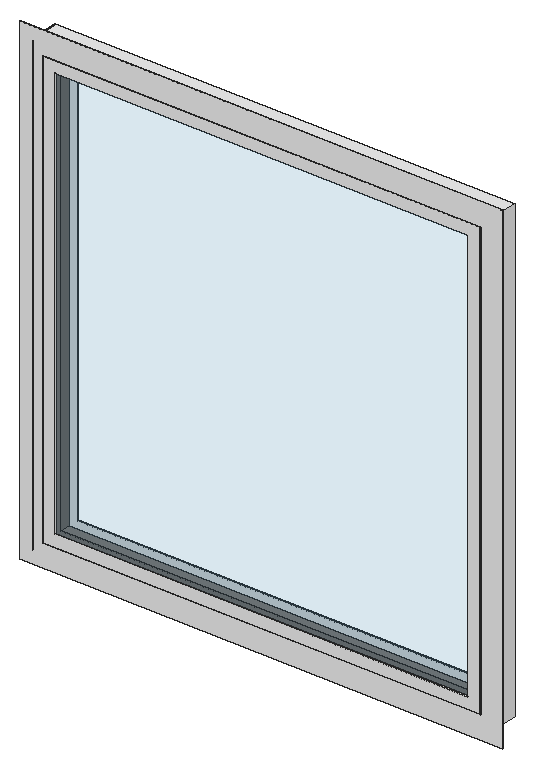
Revit family "Casement_34_D_Top_Hung_Standard", category Windows, host Wall, Revit 2014
Parameters (values of type "Casement_Sash_DG")
  Width Sash [instance] = 30 mm
  Width Sash Inner = 15 mm
  Width Bead = 15 mm
  Top Hung [instance] = yes
  Side Hung Right [instance] = yes
  Side Hung Left [instance] = yes
  Sash Opening Width [instance] = 600 mm
  Sash Opening Height [instance] = 600.312 mm
  Sash Lip = 15 mm
  Glazing Material [instance] = Glass
  DG Start Piece 2 [instance] = DG End Piece 1 + DG Gasket Thickness  # 25 mm
  DG Start Peice 1 [instance] = (Depth Sash - (2 * DG Glazing Thickness) - DG Gasket Thickness) / 2  # 6.6 mm
  Glazing Offset = 5 mm
  DG Glazing Thickness [instance] = 6.4 mm
  DG Gasket Thickness = 12 mm  # constant formula
  DG Gasket Material [instance] = Double Glazing Gasket Material
  DG End Piece 2 [instance] = DG Start Piece 2 + DG Glazing Thickness  # 31.4 mm
  DG End Piece 1 [instance] = DG Start Peice 1 + DG Glazing Thickness  # 13 mm
  Depth Sash [instance] = 38 mm
  Center Vertical Sash [instance] = Sash Opening Height / 2  # 300.156 mm
  Center Horizontal Sash [instance] = Sash Opening Width / 2  # 300 mm
  Bottom Hung [instance] = yes
  Bead Offset = 15 mm
  Aluminium Thickness = 1 mm
  Aluminium Material [instance] = White Powder Coated Aluminium
Reference planes
  plane 1 "Center (Front/Back)": y = 0
  plane 2: z = 0
  plane 3 "Center (Left/Right)": x = 0
Forms (mm)
  Sweep 1, solid, material "White Powder Coated Aluminium" <- "Aluminium Material"
    path origin (16.177, 0, 121.331) x (1, 0, 0) y (0, 0, 1)
      loop
        line (0, 0) -> (600, 0) -> (600, 600.312) -> (0, 600.312) -> (0, 0)
    profile origin (316.177, 0, 121.331) x (0, 0, 1) y (0, -1, 0)
      loop
        line (0, 0) -> (30, 0) -> (30, 1) -> (15, 1) -> (15, 38) -> (-15, 38) -> (-15, 37) -> (0, 37) -> (0, 0)
      loop
        line (14, 1) -> (14, 37) -> (1, 37) -> (1, 1) -> (14, 1)
  Sweep 2, solid, material "White Powder Coated Aluminium" <- "Aluminium Material"
    path origin (0, 0, 0) x (1, 0, 0) y (0, 0, 1)
      loop
        line (31.177, 706.643) -> (31.177, 136.331) -> (601.177, 136.331) -> (601.177, 706.643) -> (31.177, 706.643)
    profile origin (316.177, 0, 706.643) x (0, 0, 1) y (0, -1, 0)
      loop
        line (0, 37) -> (0, 38) -> (-15, 38) -> (-15, 37) -> (0, 37)
  Extrusion 3, solid, material "Glass" <- "Glazing Material"
    sketch origin (0, 0, 0) x (1, 0, 0) y (0, 0, 1)
      loop
        line (36.177, 701.643) -> (36.177, 141.331) -> (596.177, 141.331) -> (596.177, 701.643) -> (36.177, 701.643)
    from 6.6 <- "DG Start Peice 1" to 13 <- "DG End Piece 1"
  Extrusion 4, solid, material "Glass" <- "Glazing Material"
    sketch origin (0, 0, 0) x (1, 0, 0) y (0, 0, 1)
      loop
        line (36.177, 701.643) -> (36.177, 141.331) -> (596.177, 141.331) -> (596.177, 701.643) -> (36.177, 701.643)
    from 31.4 <- "DG End Piece 2" to 25 <- "DG Start Piece 2"
  Sweep 5, solid, material "Double Glazing Gasket Material" <- "DG Gasket Material"
    path origin (0, -13, 0) x (1, 0, 0) y (0, 0, 1)
      loop
        line (36.177, 701.643) -> (36.177, 141.331) -> (596.177, 141.331) -> (596.177, 701.643) -> (36.177, 701.643)
    profile origin (316.177, -13, 701.643) x (0, 0, 1) y (0, -1, 0)
      loop
        line (0, 0) -> (0, 12) -> (-7.96, 12) -> (-7.96, 0) -> (0, 0)
Lines and regions (mm)
  model lines
    curve 1: line (1.177, -38, 736.643) -> (31.177, -38, 706.643)
    curve 2: line (601.177, -38, 706.643) -> (631.177, -38, 736.643)
    curve 3: line (601.177, -38, 136.331) -> (631.177, -38, 106.331)
    curve 4: line (1.177, -38, 106.331) -> (31.177, -38, 136.331)
    curve 5: line (631.177, -37, 736.643) -> (616.177, -37, 721.643)
    curve 6: line (1.177, -37, 736.643) -> (16.177, -37, 721.643)
    curve 7: line (1.177, -37, 106.331) -> (16.177, -37, 121.331)
    curve 8: line (631.177, -37, 106.331) -> (616.177, -37, 121.331)
    curve 9: line (616.177, 0, 121.331) -> (586.177, 0, 151.331)
    curve 10: line (46.177, 0, 151.331) -> (16.177, 0, 121.331)
    curve 11: line (616.177, 0, 721.643) -> (586.177, 0, 691.643)
    curve 12: line (46.177, 0, 691.643) -> (16.177, 0, 721.643)
    curve 13: line (31.177, -38, 691.643) -> (46.177, -38, 691.643)
    curve 14: line (586.177, -38, 691.643) -> (601.177, -38, 691.643)
    curve 15: line (586.177, -38, 151.331) -> (601.177, -38, 151.331)
    curve 16: line (31.177, -38, 151.331) -> (46.177, -38, 151.331)
  model lines, style "GenericModelHiddenLines", visible <- "Top Hung"
    curve 17: line (46.386, -31.4, 690.914) -> (316.177, -31.4, 151.331)
    curve 18: line (316.177, -31.4, 151.331) -> (586.177, -31.4, 691.331)
  model lines, style "GenericModelHiddenLines", visible <- "Bottom Hung"
    curve 19: line (46.177, -31.4, 151.331) -> (316.177, -31.4, 691.331)
    curve 20: line (316.177, -31.4, 691.331) -> (586.177, -31.4, 151.331)
  model lines, style "GenericModelHiddenLines", visible <- "Side Hung Left"
    curve 21: line (46.386, -31.4, 690.914) -> (585.24, -31.4, 421.487)
    curve 22: line (585.24, -31.4, 421.487) -> (46.177, -31.4, 151.331)
  model lines, style "GenericModelHiddenLines", visible <- "Side Hung Right"
    curve 23: line (586.177, -31.4, 691.331) -> (46.177, -31.4, 421.487)
    curve 24: line (46.177, -31.4, 421.487) -> (586.177, -31.4, 151.331)
Dimensions and locks
  "Aluminium Thickness": Sweep 1 sketch curve to Sweep 1 sketch curve  (x4)
  "Depth Sash": Sweep 1 sketch curve to Sweep 1 sketch curve
  "Sash Opening Width": Sweep 1 to Sweep 1
  "Sash Opening Height": Sweep 1 to Sweep 1
  "Width Sash": Sweep 1 sketch curve to Sweep 1 sketch curve  (x2)
  "Width Sash Inner": Sweep 1 sketch curve to Sweep 1 sketch curve
  "Sash Lip": Sweep 1 sketch curve to Sweep 1 sketch curve
  "Aluminium Thickness": Sweep 1 to Sweep 2 sketch curve
  "Glazing Offset": Sweep 2 to Extrusion 3 sketch curve  (x3)
  "Glazing Offset": Extrusion 3 sketch curve to Sweep 2
  Sweep 1 to Sweep 1 = 1 mm
  "Aluminium Thickness": Sweep 2 sketch curve to Sweep 2 sketch curve
  "Width Bead": Sweep 2 sketch curve to Sweep 2 sketch curve
  locked: Sweep 5 sketch curve to Sweep 5 sketch curve at 7.96
  "Center Horizontal Sash": Sweep 1 to curve 18
  "Center Horizontal Sash": Sweep 1 to curve 20
  "Center Vertical Sash": Sweep 1 to curve 22
  "Center Vertical Sash": Sweep 1 to curve 24
  aligned and locked: level to plane 2
  aligned and locked: Sweep 1 sketch curve to Sweep 1 sketch curve  (x2)
  aligned and locked: Sweep 2 sketch curve to Sweep 1  (x5)
  aligned and locked: Extrusion 4 sketch curve to Extrusion 3  (x4)
  aligned and locked: Sweep 5 sketch curve to Extrusion 3  (x5)
  aligned and locked: Extrusion 3 to Sweep 5 sketch curve
Automatic sketch dimensions
  plane 3 "Center (Left/Right)" to Sweep 1 sketch curve = 16.177 mm
  level to Sweep 1 sketch curve = 121.331 mm
  plane 3 "Center (Left/Right)" to Sweep 1 sketch curve = 616.177 mm
  level to Sweep 1 sketch curve = 721.643 mm
  profile plane to Sweep 5 sketch curve = 12 mm
  curve 7 to Sweep 1 = 0 mm  (x4)
  curve 6 to Sweep 1 = 0 mm  (x3)
  Sweep 1 to curve 6 = 0 mm
  curve 5 to Sweep 1 = 0 mm  (x3)
  curve 8 to Sweep 1 = 0 mm  (x4)
  Sweep 1 to curve 5 = 0 mm
  curve 16 to Sweep 2 = 0 mm  (x3)
  curve 13 to Sweep 2 = 0 mm  (x3)
  curve 15 to Sweep 2 = 0 mm
  Sweep 2 to curve 15 = 0 mm  (x2)
  curve 14 to Sweep 2 = 0 mm  (x2)
  Sweep 2 to curve 14 = 0 mm
  curve 1 to Sweep 1 = 0 mm  (x4)
  curve 4 to Sweep 1 = 0 mm  (x3)
  Sweep 1 to curve 4 = 0 mm
  curve 3 to Sweep 1 = 0 mm  (x3)
  curve 2 to Sweep 1 = 0 mm  (x4)
  Sweep 1 to curve 3 = 0 mm
  curve 10 to Sweep 1 = 0 mm  (x4)
  curve 12 to Sweep 1 = 0 mm  (x3)
  Sweep 1 to curve 12 = 0 mm
  curve 9 to Sweep 1 = 0 mm  (x4)
  curve 11 to Sweep 1 = 0 mm  (x3)
  Sweep 1 to curve 11 = 0 mm
  Sweep 1 sketch curve to plane 1 "Center (Front/Back)" = 0 mm
  profile plane to Sweep 1 sketch curve = 0 mm
  curve 21 to Extrusion 4 = 10.208 mm
  curve 19 to Extrusion 4 = 10 mm
  curve 23 to Extrusion 4 = 10 mm  (x2)
  curve 22 to Extrusion 4 = 10.937 mm
  curve 20 to Extrusion 4 = 10 mm
  curve 24 to Extrusion 4 = 10 mm
  curve 22 to Extrusion 4 = 10 mm
  curve 18 to Extrusion 4 = 10 mm
  curve 21 to Extrusion 4 = 10.729 mm
  curve 19 to Extrusion 4 = 10.312 mm
  curve 18 to Extrusion 4 = 10.312 mm
Types in the file's own list only (12): name | Windload Design | Width Sash Opening | Width Sash | Width Profile | Width Panel 3 | Width Panel 1 | Width | URL | Offset Window Exterior | Max System DG Unit Thickness | Max System DG One Piece Thickness | Max Pane Area | Limit Fixed Pane Height Min | Limit Fixed Pane Height Max | Intruderprufe U Value | Intruderprufe SHGC Value | Intruderprufe LowE U Value | Intruderprufe LowE SHGC Value | Height | Energy Advantage U Value | Energy Advantage SHGC Value | DG Thickness Calc | Custom Window Width | Custom Window Height | Window Exterior Offset | Custom Windload | User Sash Width | Custom Sash Height | Sash Spacing Inner | Sash Overlap | Sash Center Offset | SG Gasket Thickness | Offset Sash Left | Offset Sash Top | Offset Panel 3 Bead Top | Offset Transom Top | Offset Bead SG Center Reversed | Model | Manufacturer | Limit Window Width Min | Limit Window Width Max | Limit Window Height Min | Limit Window Height Max | Limit Sash Width Min | Limit Sash Width Max | Limit Sash Height Min | Limit Sash Height Max | Length Transom | Height Sash Opening | Height Sash | Height Panel 3 | Height Panel 1 | Description | Frame Center Offset | Depth Bead | Default Sill Height | Wall Closure | DG Gasket Finish | DG Extrusion Start | Clearvue U Value | Clearvue SHGC Value | Clearvue Insulated U Value | Clearvue Insulated SHGC Value | Clearvue Insulated LowE U Value | Clearvue Insulated LowE SHGC Value | Casement Dimension | Bottom Hung | Bead SG Gap | Area Pane Top | Area Pane Bottom
  34-0609T-1000Pa | 1000 mm | 544 mm | 514 mm | 30 mm | 530 mm | 530 mm | 590 mm | "http://www.crealco.co.za/crealco-products.php" | 17 mm | 20 mm | 4 mm | 0.23 m² | 200 mm | 1800 mm | 6.13 | 0.499 | 4.84 | 0.446 | 890 mm | 4.96 | 0.475 | 4 mm | 590 mm | 890 mm | 0 mm | 1000 mm | 544 mm | 554 mm | 8 mm | 7 mm | 14 mm | 6 mm | 23 mm | 23 mm | 600 mm | 570 mm | 17 mm | "Casement 34" | "Crealco" | 346 mm | 1246 mm | 830 mm | 2430 mm | 300 mm | 1200 mm | 300 mm | 900 mm | 530 mm | 554 mm | 524 mm | 260 mm | 540 mm | "Window 34mm, Type D top hung" | 17 mm | 20 mm | 800 mm | By host | Double Glazing Gasket Material | 7 mm | 6.18 | 0.529 | 4.36 | 0.471 | 3.94 | 0.43 | 34 mm | No | 13 mm | 0.23 m² | 0.13 m²
  34-0609T-1500Pa | 1500 mm | 544 mm | 514 mm | 30 mm | 530 mm | 530 mm | 590 mm | "http://www.crealco.co.za/crealco-products.php" | 17 mm | 20 mm | 4 mm | 0.23 m² | 200 mm | 1800 mm | 6.13 | 0.499 | 4.84 | 0.446 | 890 mm | 4.96 | 0.475 | 4 mm | 590 mm | 890 mm | 0 mm | 1500 mm | 544 mm | 554 mm | 8 mm | 7 mm | 14 mm | 6 mm | 23 mm | 23 mm | 600 mm | 570 mm | 17 mm | "Casement 34" | "Crealco" | 346 mm | 1246 mm | 830 mm | 2430 mm | 300 mm | 1200 mm | 300 mm | 900 mm | 530 mm | 554 mm | 524 mm | 260 mm | 540 mm | "Window 34mm, Type D top hung" | 17 mm | 20 mm | 800 mm | By host | Double Glazing Gasket Material | 7 mm | 6.18 | 0.529 | 4.36 | 0.471 | 3.94 | 0.43 | 34 mm | No | 13 mm | 0.23 m² | 0.13 m²
  34-0609T-2000Pa | 2000 mm | 544 mm | 514 mm | 30 mm | 530 mm | 530 mm | 590 mm | "http://www.crealco.co.za/crealco-products.php" | 17 mm | 20 mm | 4 mm | 0.23 m² | 200 mm | 1800 mm | 6.13 | 0.499 | 4.84 | 0.446 | 890 mm | 4.96 | 0.475 | 4 mm | 590 mm | 890 mm | 0 mm | 2000 mm | 544 mm | 554 mm | 8 mm | 7 mm | 14 mm | 6 mm | 23 mm | 23 mm | 600 mm | 570 mm | 17 mm | "Casement 34" | "Crealco" | 346 mm | 1246 mm | 830 mm | 2430 mm | 300 mm | 1200 mm | 300 mm | 900 mm | 530 mm | 554 mm | 524 mm | 260 mm | 540 mm | "Window 34mm, Type D top hung" | 17 mm | 20 mm | 800 mm | By host | Double Glazing Gasket Material | 7 mm | 6.18 | 0.529 | 4.36 | 0.471 | 3.94 | 0.43 | 34 mm | No | 13 mm | 0.23 m² | 0.13 m²
  34-0909T-1000Pa | 1000 mm | 844 mm | 814 mm | 30 mm | 830 mm | 830 mm | 890 mm | "http://www.crealco.co.za/crealco-products.php" | 17 mm | 20 mm | 4 mm | 0.37 m² | 200 mm | 1800 mm | 6.1 | 0.542 | 4.68 | 0.483 | 890 mm | 4.79 | 0.514 | 4 mm | 890 mm | 890 mm | 0 mm | 1000 mm | 844 mm | 554 mm | 8 mm | 7 mm | 14 mm | 6 mm | 23 mm | 23 mm | 600 mm | 570 mm | 17 mm | "Casement 34" | "Crealco" | 346 mm | 1246 mm | 830 mm | 2430 mm | 300 mm | 1200 mm | 300 mm | 900 mm | 830 mm | 554 mm | 524 mm | 260 mm | 540 mm | "Window 34mm, Type D top hung" | 17 mm | 20 mm | 800 mm | By host | Double Glazing Gasket Material | 7 mm | 6.15 | 0.574 | 4.15 | 0.51 | 3.68 | 0.465 | 34 mm | No | 13 mm | 0.37 m² | 0.21 m²
  34-0909T-1500Pa | 1500 mm | 844 mm | 814 mm | 30 mm | 830 mm | 830 mm | 890 mm | "http://www.crealco.co.za/crealco-products.php" | 17 mm | 20 mm | 4 mm | 0.37 m² | 200 mm | 1800 mm | 6.1 | 0.542 | 4.68 | 0.483 | 890 mm | 4.79 | 0.514 | 4 mm | 890 mm | 890 mm | 0 mm | 1500 mm | 844 mm | 554 mm | 8 mm | 7 mm | 14 mm | 6 mm | 23 mm | 23 mm | 600 mm | 570 mm | 17 mm | "Casement 34" | "Crealco" | 346 mm | 1246 mm | 830 mm | 2430 mm | 300 mm | 1200 mm | 300 mm | 900 mm | 830 mm | 554 mm | 524 mm | 260 mm | 540 mm | "Window 34mm, Type D top hung" | 17 mm | 20 mm | 800 mm | By host | Double Glazing Gasket Material | 7 mm | 6.15 | 0.574 | 4.15 | 0.51 | 3.68 | 0.465 | 34 mm | No | 13 mm | 0.37 m² | 0.21 m²
  34-0909T-2000Pa | 2000 mm | 844 mm | 814 mm | 30 mm | 830 mm | 830 mm | 890 mm | "http://www.crealco.co.za/crealco-products.php" | 17 mm | 20 mm | 4 mm | 0.37 m² | 200 mm | 1800 mm | 6.1 | 0.542 | 4.68 | 0.483 | 890 mm | 4.79 | 0.514 | 4 mm | 890 mm | 890 mm | 0 mm | 2000 mm | 844 mm | 554 mm | 8 mm | 7 mm | 14 mm | 6 mm | 23 mm | 23 mm | 600 mm | 570 mm | 17 mm | "Casement 34" | "Crealco" | 346 mm | 1246 mm | 830 mm | 2430 mm | 300 mm | 1200 mm | 300 mm | 900 mm | 830 mm | 554 mm | 524 mm | 260 mm | 540 mm | "Window 34mm, Type D top hung" | 17 mm | 20 mm | 800 mm | By host | Double Glazing Gasket Material | 7 mm | 6.15 | 0.574 | 4.15 | 0.51 | 3.68 | 0.465 | 34 mm | No | 13 mm | 0.37 m² | 0.21 m²
  34-0612T-1000Pa | 1000 mm | 544 mm | 514 mm | 30 mm | 530 mm | 530 mm | 590 mm | "http://www.crealco.co.za/crealco-products.php" | 17 mm | 20 mm | 4 mm | 0.29 m² | 200 mm | 1800 mm | 6.06 | 0.544 | 4.66 | 0.485 | 1190 mm | 4.77 | 0.516 | 4 mm | 590 mm | 1190 mm | 0 mm | 1000 mm | 544 mm | 554 mm | 8 mm | 7 mm | 14 mm | 6 mm | 23 mm | 23 mm | 600 mm | 570 mm | 17 mm | "Casement 34" | "Crealco" | 346 mm | 1246 mm | 830 mm | 2430 mm | 300 mm | 1200 mm | 300 mm | 900 mm | 530 mm | 554 mm | 524 mm | 560 mm | 540 mm | "Window 34mm, Type D top hung" | 17 mm | 20 mm | 800 mm | By host | Double Glazing Gasket Material | 7 mm | 6.13 | 0.576 | 4.12 | 0.513 | 3.65 | 0.467 | 34 mm | No | 13 mm | 0.23 m² | 0.29 m²
  34-0612T-1500Pa | 1500 mm | 544 mm | 514 mm | 30 mm | 530 mm | 530 mm | 590 mm | "http://www.crealco.co.za/crealco-products.php" | 17 mm | 20 mm | 4 mm | 0.29 m² | 200 mm | 1800 mm | 6.06 | 0.544 | 4.66 | 0.485 | 1190 mm | 4.77 | 0.516 | 4 mm | 590 mm | 1190 mm | 0 mm | 1500 mm | 544 mm | 554 mm | 8 mm | 7 mm | 14 mm | 6 mm | 23 mm | 23 mm | 600 mm | 570 mm | 17 mm | "Casement 34" | "Crealco" | 346 mm | 1246 mm | 830 mm | 2430 mm | 300 mm | 1200 mm | 300 mm | 900 mm | 530 mm | 554 mm | 524 mm | 560 mm | 540 mm | "Window 34mm, Type D top hung" | 17 mm | 20 mm | 800 mm | By host | Double Glazing Gasket Material | 7 mm | 6.13 | 0.576 | 4.12 | 0.513 | 3.65 | 0.467 | 34 mm | No | 13 mm | 0.23 m² | 0.29 m²
  34-0612T-2000Pa | 2000 mm | 544 mm | 514 mm | 30 mm | 530 mm | 530 mm | 590 mm | "http://www.crealco.co.za/crealco-products.php" | 17 mm | 20 mm | 4 mm | 0.29 m² | 200 mm | 1800 mm | 6.06 | 0.544 | 4.66 | 0.485 | 1190 mm | 4.77 | 0.516 | 4 mm | 590 mm | 1190 mm | 0 mm | 2000 mm | 544 mm | 554 mm | 8 mm | 7 mm | 14 mm | 6 mm | 23 mm | 23 mm | 600 mm | 570 mm | 17 mm | "Casement 34" | "Crealco" | 346 mm | 1246 mm | 830 mm | 2430 mm | 300 mm | 1200 mm | 300 mm | 900 mm | 530 mm | 554 mm | 524 mm | 560 mm | 540 mm | "Window 34mm, Type D top hung" | 17 mm | 20 mm | 800 mm | By host | Double Glazing Gasket Material | 7 mm | 6.13 | 0.576 | 4.12 | 0.513 | 3.65 | 0.467 | 34 mm | No | 13 mm | 0.23 m² | 0.29 m²
  34-0912T-1000Pa | 1000 mm | 844 mm | 814 mm | 30 mm | 830 mm | 830 mm | 890 mm | "http://www.crealco.co.za/crealco-products.php" | 17 mm | 20 mm | 4 mm | 0.45 m² | 200 mm | 1800 mm | 6.02 | 0.587 | 4.49 | 0.521 | 1190 mm | 4.6 | 0.556 | 4 mm | 890 mm | 1190 mm | 0 mm | 1000 mm | 844 mm | 554 mm | 8 mm | 7 mm | 14 mm | 6 mm | 23 mm | 23 mm | 600 mm | 570 mm | 17 mm | "Casement 34" | "Crealco" | 346 mm | 1246 mm | 830 mm | 2430 mm | 300 mm | 1200 mm | 300 mm | 900 mm | 830 mm | 554 mm | 524 mm | 560 mm | 540 mm | "Window 34mm, Type D top hung" | 17 mm | 20 mm | 800 mm | By host | Double Glazing Gasket Material | 7 mm | 6.1 | 0.621 | 3.91 | 0.552 | 3.38 | 0.502 | 34 mm | No | 13 mm | 0.37 m² | 0.45 m²
  34-0912T-1500Pa | 1500 mm | 844 mm | 814 mm | 30 mm | 830 mm | 830 mm | 890 mm | "http://www.crealco.co.za/crealco-products.php" | 17 mm | 20 mm | 4 mm | 0.45 m² | 200 mm | 1800 mm | 6.02 | 0.587 | 4.49 | 0.521 | 1190 mm | 4.6 | 0.556 | 4 mm | 890 mm | 1190 mm | 0 mm | 1500 mm | 844 mm | 554 mm | 8 mm | 7 mm | 14 mm | 6 mm | 23 mm | 23 mm | 600 mm | 570 mm | 17 mm | "Casement 34" | "Crealco" | 346 mm | 1246 mm | 830 mm | 2430 mm | 300 mm | 1200 mm | 300 mm | 900 mm | 830 mm | 554 mm | 524 mm | 560 mm | 540 mm | "Window 34mm, Type D top hung" | 17 mm | 20 mm | 800 mm | By host | Double Glazing Gasket Material | 7 mm | 6.1 | 0.621 | 3.91 | 0.552 | 3.38 | 0.502 | 34 mm | No | 13 mm | 0.37 m² | 0.45 m²
  34-0912T-2000Pa | 2000 mm | 844 mm | 814 mm | 30 mm | 830 mm | 830 mm | 890 mm | "http://www.crealco.co.za/crealco-products.php" | 17 mm | 20 mm | 4 mm | 0.45 m² | 200 mm | 1800 mm | 6.02 | 0.587 | 4.49 | 0.521 | 1190 mm | 4.6 | 0.556 | 4 mm | 890 mm | 1190 mm | 0 mm | 2000 mm | 844 mm | 554 mm | 8 mm | 7 mm | 14 mm | 6 mm | 23 mm | 23 mm | 600 mm | 570 mm | 17 mm | "Casement 34" | "Crealco" | 346 mm | 1246 mm | 830 mm | 2430 mm | 300 mm | 1200 mm | 300 mm | 900 mm | 830 mm | 554 mm | 524 mm | 560 mm | 540 mm | "Window 34mm, Type D top hung" | 17 mm | 20 mm | 800 mm | By host | Double Glazing Gasket Material | 7 mm | 6.1 | 0.621 | 3.91 | 0.552 | 3.38 | 0.502 | 34 mm | No | 13 mm | 0.37 m² | 0.45 m²
